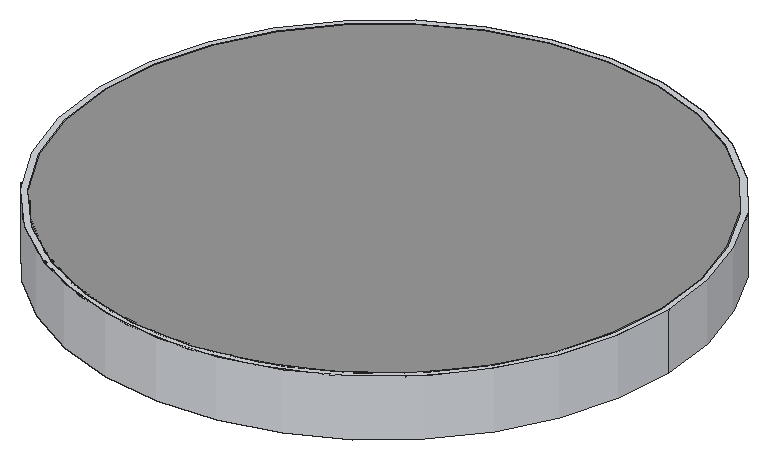
Revit family "2071211", category Lighting Fixtures, host Face, Revit 2018
Family settings
  Host = Face
  Round Connector Dimension = Use Diameter
  Part Type = Normal
  OmniClass Number = 23.80.70.00
  OmniClass Title = Lighting
  Cut with Voids When Loaded = No
  Light Source = Yes
  Shared = No
  Room Calculation Point = No
Parameters (values of type "2071211 COLOSSAL 600 840 OP DIR+H WHT DALI")
  iner diameter = 588 mm
  Weight = "n/a"
  Wattage Comments = ""
  Wattage = 30 W
  WarrantyStartDate [instance] = "n/a"
  WarrantyGuarantorParts = "n/a"
  WarrantyDurationUnit = "n/a"
  WarrantyDurationParts = ""
  WarrantyDescription = "http://www.sylvania-lighting.com"
  built-in parameter 1150110 = 1 (stored number, unit not read)
  Voltage = 230 V
  URL = "0.99"
  TypeName = "COLOSSAL 600mm 840 OPAL DIR+HAL WHITE DALI"
  Type Image = <None>
  Type Comments = "n/a"
  built-in parameter 1114217 = 1 (stored number, unit not read)
  Tilt Angle = -90.00°
  built-in parameter 1150109 = 1 (stored number, unit not read)
  built-in parameter 1150134 = (empty or 0)
  built-in parameter 1150113 = 1 (stored number, unit not read)
  SerialNumber [instance] = "n/a"
  Photometric Web File = "2071211.ies"
  Material_3_SYL = LED-Sylvania
  PowerFactor = 0
  PowerConsumption = "Lighting"
  NominalLength = 600 mm
  NominalHeight = 93 mm
  NominalDepth = 600 mm
  Name = "COLOSSAL 600mm 840 OPAL DIR+HAL WHITE DALI"
  ModelReference = Name  # "COLOSSAL 600mm 840 OPAL DIR+HAL WHITE DALI"
  ModelNumber = "2071211"
  Model = Name  # "COLOSSAL 600mm 840 OPAL DIR+HAL WHITE DALI"
  Material = "Feilo Sylvania"
  ManufacturerName = "136 lm/W"
  Manufacturer = ""
  LuminousEfficacy = ""
  built-in parameter 1150105 = 270.44 (stored number, unit not read)
  Lumens = 3398.4 lm
  LuminaireType = "0"
  built-in parameter 1150115 = 1 (stored number, unit not read)
  LightOutputRatio = "LED"
  built-in parameter 1150137 = (empty or 0)
  built-in parameter 1150139 = (empty or 0)
  LampsType = Lamp  # "n/a"
  LampNominalLuminous = "4000 K"
  LampMacAdamStep = "80"
  LampColourTemperature = "LED"
  LampColourRenderingIndex = "16500"
  built-in parameter 1150112 = 1 (stored number, unit not read)
  built-in parameter 1150114 = 1 (stored number, unit not read)
  Lamp = "n/a"
  Keynote = "n/a"
  InstallationDate [instance] = "n/a"
  InputVoltage = "0"
  InputNominalFrequency = "4000"
  built-in parameter 1150132 = (empty or 0)
  built-in parameter 1150102 = (empty or 0)
  built-in parameter 1150107 = 3000 (stored number, unit not read)
  built-in parameter 1150138 = (empty or 0)
  IngressProtection = "IfcLightFixtureType"
  ImpactProtectionIndex = "IfcLightFixtureType"
  built-in parameter 1150106 = 2.7044 (stored number, unit not read)
  IfcExportType = "IfcLightFixtureType"
  IfcExportAs = "Class I"
  Emit from Circle Diameter = 385 mm
  Emit Shape Visible in Rendering = no
  ElectricShockClassification = "136"
  built-in parameter 1150104 = 10.524 (stored number, unit not read)
  DocumentationLiterature = "http://www.sylvania-lighting.com/product/en-int/products/2071211"
  DimmingControlOptions = "n/a"
  Material_2_SYL = Polycarbonate_Sylvania_White
  Dimming Lamp Color Temperature Shift = <None>
  Description = "600mm diameter circular architectural luminaire, can be surface mounted or suspended. Powder coated aluminium housing (RAL9016) with polycarbonate opal diffuser. Direct/indirect (halo) light distribution, 5445lm luminuous flux, 40.1W system power, 136lm/W luminiaire efficacy. DALI dimmable. Colour rendering index Ra >80, 4000K Neutral White LED, chromaticity tolerance of 3-step MacAdam ellipse. IP40, IK03. 450mA drive current. Electrical protection Class1, 220-240V. Reported lifetime 66k hours L90B10."
  Default Elevation = 1219.2 mm
  CreatedOn = "23/03/2022"
  CreatedBy = "@sylvania-lighting.com"
  Cost = 0
  Color Filter = 16777215
  built-in parameter 1114216 [instance] = (empty or 0)
  ClassificationValue = "EF_70_80"
  ClassificationName = "Uniclass2015"
  Material_1_SYL = Polycarbonate_Sylvania_Opal
  BarCode [instance] = "n/a"
  built-in parameter 1114218 = 1 (stored number, unit not read)
  built-in parameter 1150133 = 10 (stored number, unit not read)
  AssetType = "Fixed"
  AssetIdentifier [instance] = "n/a"
  Assembly Code = "D5020200"
  Apparent Load = 40.1 VA
  Material_4_SYL = none
Reference planes
  plane 1 "Center (Front/Back)": y = 0
  plane 2: z = 0
  plane 3 "Center (Left/Right)": x = 0
  plane 4: x = -300
  plane 5: x = 300
  plane 6: y = 300
  plane 7: y = -300
  plane 8: y = 212
  plane 9: y = -212
  plane 10: z = 93
  plane 11: y = 294
  plane 12: y = -294
  plane 13: through (0, 0, 1219.2) normal (0.5, -0.866, 0)
  plane 14: through (-134.29, 20.617, 1219.2) normal (0.5, -0.866, 0)
  plane 15: through (-144.685, -181.683, 1219.2) normal (-0.5, 0.866, 0)
  plane 16: through (0, 0, 1219.2) normal (0.5, 0.866, 0)
  plane 17: through (178.555, -4.939, 1219.2) normal (0.5, 0.866, 0)
  plane 18: through (87.581, -148.715, 1219.2) normal (0.5, 0.866, 0)
  plane 19: y = 272
  plane 20: through (105.168, 227.067, 1219.2) normal (0.866, 0.5, 0)
  plane 21: through (-104.171, 225.672, 1219.2) normal (0.8572, -0.515, 0)
  plane 22: y = -204.612
  plane 23: through (-296.643, -30.2, 1219.2) normal (0.866, 0.5, 0)
  plane 24: through (153.092, -278.837, 1219.2) normal (-0.866, 0.5, 0)
Forms (mm)
  Extrusion 1, solid, detail levels medium+fine
    sketch origin (0, 0, 0) x (1, 0, 0) y (0, 1, 0)
      loop
        circle (0, 0) r 300
    from 33.023 to 93
  Extrusion 2, void
    sketch origin (0, 0, 0) x (1, 0, 0) y (0, 1, 0)
      loop
        circle (0, 0) r 294
    from 93 to 37.292
  Extrusion 3, solid, material "Glass, White, High Luminance", detail levels fine
    sketch origin (0, 0, 0) x (1, 0, 0) y (0, 1, 0)
      loop
        circle (0, 0) r 294
    from 88.026 to 93
  Extrusion 4, solid, detail levels coarse
    sketch origin (0, 0, 0) x (1, 0, 0) y (0, 1, 0)
      loop
        line (-300, 300) -> (-300, -300) -> (300, -300) -> (300, 300) -> (-300, 300)
    from 0 to 93
  Blend 5, solid, detail levels medium+fine
    base sketch origin (0, 0, 0) x (1, 0, 0) y (0, 1, 0)
      loop
        line (-76.334, 272) -> (-277.665, -63.07) -> (-195.946, -204.612) -> (195.946, -204.612) -> (275.172, -67.388) -> (79.226, 272) -> (-76.334, 272)
    top sketch origin (0, 0, 0) x (1, 0, 0) y (0, 1, 0)
      loop
        line (-226.097, -32.388) -> (-141.097, -179.612) -> (141.097, -179.612) -> (226.097, -32.388) -> (85, 212) -> (-85, 212) -> (-226.097, -32.388)
    from 33.023 to 0
Cuts and joins
  Extrusion 2 cuts Extrusion 1
Lines and regions (mm)
  model lines
    curve 1: line (-85, 212, 0) -> (0, 212, 0)
    curve 2: line (0, 212, 0) -> (85, 212, 0)
Dimensions and locks
  "NominalDepth": plane 6 to plane 7
  "NominalLength": plane 4 to plane 5
  equal spacing: plane 4, plane 3 "Center (Left/Right)", plane 5
  "iner diameter": plane 11 to plane 12
  equal spacing: plane 11, plane 1 "Center (Front/Back)", plane 12
  equal spacing: plane 6, plane 1 "Center (Front/Back)", plane 7
  "NominalHeight": plane 10 to level
  radius of Extrusion 2 sketch curve = 294 mm
  aligned and locked: plane 2 to host face
  aligned and locked: level to host face
Automatic sketch dimensions
  host sketch curve to host sketch curve = 2438.4 mm  (x2)
  plane 1 "Center (Front/Back)" to Extrusion 1 sketch curve = 0 mm
  Extrusion 1 sketch curve to plane 3 "Center (Left/Right)" = 0 mm
  plane 1 "Center (Front/Back)" to Extrusion 2 sketch curve = 0 mm
  Extrusion 2 sketch curve to plane 3 "Center (Left/Right)" = 0 mm
  plane 1 "Center (Front/Back)" to Extrusion 3 sketch curve = 0 mm
  Extrusion 3 sketch curve to plane 3 "Center (Left/Right)" = 0 mm
  Extrusion 4 sketch curve to plane 4 = 0 mm
  Extrusion 4 sketch curve to plane 5 = 0 mm
  Extrusion 4 sketch curve to plane 7 = 0 mm
  Extrusion 4 sketch curve to plane 6 = 0 mm
  Blend 5 sketch curve to plane 8 = 0 mm
  Blend 5 sketch curve to plane 3 "Center (Left/Right)" = 85 mm
  plane 3 "Center (Left/Right)" to Blend 5 sketch curve = 85 mm
  plane 9 to Blend 5 sketch curve = 32.388 mm
  plane 3 "Center (Left/Right)" to Blend 5 sketch curve = 141.097 mm
  plane 1 "Center (Front/Back)" to Blend 5 sketch curve = 32.388 mm  (x2)
  Blend 5 sketch curve to plane 5 = 73.903 mm
  Blend 5 sketch curve to plane 3 "Center (Left/Right)" = 141.097 mm
  plane 4 to Blend 5 sketch curve = 73.903 mm
  curve 1 to plane 8 = 0 mm
  curve 2 to plane 3 "Center (Left/Right)" = 0 mm
  curve 1 to plane 3 "Center (Left/Right)" = 85 mm
  curve 1 to curve 2 = 85 mm
  Blend 5 sketch curve to plane 21 = 0 mm
  Blend 5 sketch curve to plane 23 = 0 mm  (x2)
  Blend 5 sketch curve to plane 22 = 0 mm
  Blend 5 sketch curve to plane 19 = 0 mm
  plane 21 to Blend 5 sketch curve = 0 mm
  Blend 5 sketch curve to plane 20 = 0 mm  (x2)
  Blend 5 sketch curve to plane 24 = 0 mm  (x2)
  radius of Extrusion 1 sketch curve = 300 mm
  radius of Extrusion 3 sketch curve = 294 mm
Connectors
  electrical at (0, 0, 0), driven by "Apparent Load", driven by "PowerFactor", driven by "Voltage"
    settings: index 1, voltage 230 V, apparent load 40.1 VA, apparent load phase1 0 VA, apparent load phase2 0 VA, apparent load phase3 0 VA, power factor 0, load classification "Lighting", number of poles 1, system type 30, power factor state 1, is connector primary yes, connector utility no, sub classification motor no, connector description ""
